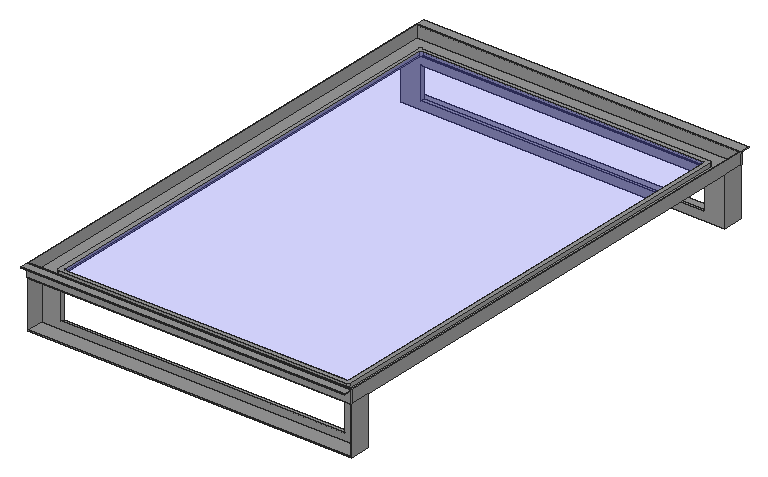
Revit family "ITK by ZPAS_Крышка холодного коридора", category Обобщенные модели, Revit 2019
Family settings
  Может служить основой для арматурных стержней = Нет
  Размер круглого соединителя = Использовать диаметр
  Тип детали = Нормальный
  На основе рабочей плоскости = Нет
  Всегда вертикально = Да
  При загрузке вырезать с полостями = Нет
  Общий = Нет
  Точка расчета площади = Нет
Parameters (values of type "Ш800_Черная")
  Ширина = 800 mm
  Степень защиты = ""
  Материал = Окраска - RAL 9005
  Изготовитель = "ITK"  # constant formula
  Дата изменения = ""
  Глубина = 1200 mm  # constant formula
  Высота = 150 mm  # constant formula
  URL = "https://www.iek.ru/"
  KSI_CPr_Строительные изделия = "61.1.04.08"  # constant formula
  KSI_CMa_Строительные материалы = "10.3.02.06"  # constant formula
  IEK_Цена за единицу = 47491.7
  IEK_Поиск в таблице имен = ""
  IEK_Описание = "Крыша холодного коридора (высокая): - верхний прозрачный элемент модуля является подъемным и устанавливается без инструментов. - модульная конструкция обеспечивает удобное расширение"
  IEK_URL = "https://www.itk-group.ru/produktsiya/catalog/oborudovanie_telekommunikatsionnoe/kompleksnye_resheniya_dlya_tsod/shkafy_i_aksessuary_dlya_tsod/komplektuyushchie_i_aksessuary_dlya_shkafov_itk_by_zpas/dveri_kryshi_dlya_koridorov_itk_by_zpas/itk_by_zpas_krysha_kholodnogo_koridora_800mm_chernaya"
  ADSK_Примечание = ""
  ADSK_Позиция [instance] = ""
  ADSK_Наименование = "ITK by ZPAS Крыша холодного коридора 800 черная"
  ADSK_Материал обозначение = ""
  ADSK_Материал наименование = "Сталь"  # constant formula
  ADSK_Масса = 25
  ADSK_Марка = "by ZPAS"  # constant formula
  ADSK_Код изделия = "ZP-R05-0800"
  ADSK_Завод-изготовитель = "IEK"  # constant formula
  ADSK_Единица измерения = "шт"  # constant formula
  ADSK_Группирование = "I. ЩИТЫ И ПУЛЬТЫ"  # constant formula
  ADSK_Версия семейства = "1.0"  # constant formula
  ADSK_Версия Revit = "2019"  # constant formula
  ADSK_URL страницы изделия = "https://www.itk-group.ru/produktsiya/catalog/oborudovanie_telekommunikatsionnoe/kompleksnye_resheniya_dlya_tsod/shkafy_i_aksessuary_dlya_tsod/komplektuyushchie_i_aksessuary_dlya_shkafov_itk_by_zpas/dveri_kryshi_dlya_koridorov_itk_by_zpas/?class_id=340&pagec=100"
Types (4, lengths in mm): name | Ширина | Материал | IEK_Цена за единицу | IEK_URL | ADSK_Наименование | ADSK_Масса | ADSK_Код изделия
  Ш600_Черная | 600 | Окраска - RAL 9005 | 41630.26 | "https://www.itk-group.ru/produktsiya/catalog/oborudovanie_telekommunikatsionnoe/kompleksnye_resheniya_dlya_tsod/shkafy_i_aksessuary_dlya_tsod/komplektuyushchie_i_aksessuary_dlya_shkafov_itk_by_zpas/dveri_kryshi_dlya_koridorov_itk_by_zpas/itk_by_zpas_krysha_kholodnogo_koridora_600mm_chernaya" | "ITK by ZPAS Крыша холодного коридора 600 черная" | 20 | "ZP-R05-0600"
  Ш800_Черная | 800 | Окраска - RAL 9005 | 47491.7 | "https://www.itk-group.ru/produktsiya/catalog/oborudovanie_telekommunikatsionnoe/kompleksnye_resheniya_dlya_tsod/shkafy_i_aksessuary_dlya_tsod/komplektuyushchie_i_aksessuary_dlya_shkafov_itk_by_zpas/dveri_kryshi_dlya_koridorov_itk_by_zpas/itk_by_zpas_krysha_kholodnogo_koridora_800mm_chernaya" | "ITK by ZPAS Крыша холодного коридора 800 черная" | 25 | "ZP-R05-0800"
  Ш600_Серая | 600 | Окраска - RAL 7035 | 41630.26 | "https://www.itk-group.ru/produktsiya/catalog/oborudovanie_telekommunikatsionnoe/kompleksnye_resheniya_dlya_tsod/shkafy_i_aksessuary_dlya_tsod/komplektuyushchie_i_aksessuary_dlya_shkafov_itk_by_zpas/dveri_kryshi_dlya_koridorov_itk_by_zpas/itk_by_zpas_krysha_kholodnogo_koridora_600mm_seraya" | "ITK by ZPAS Крыша холодного коридора 600 серая" | 20 | "ZP-R35-0600"
  Ш800_Серая | 800 | Окраска - RAL 7035 | 47491.7 | "https://www.itk-group.ru/produktsiya/catalog/oborudovanie_telekommunikatsionnoe/kompleksnye_resheniya_dlya_tsod/shkafy_i_aksessuary_dlya_tsod/komplektuyushchie_i_aksessuary_dlya_shkafov_itk_by_zpas/dveri_kryshi_dlya_koridorov_itk_by_zpas/itk_by_zpas_krysha_kholodnogo_koridora_800mm_seraya" | "ITK by ZPAS Крыша холодного коридора 800 серая" | 25 | "ZP-R35-0800"
Reference planes
  plane 1 "По центру (Вперед/Назад)": y = 12.55
  plane 2: z = 0
  plane 3 "По центру (Влево/Вправо)": x = 0
  plane 4: x = -400
  plane 5: x = 400
  plane 6: z = 150
  plane 7: y = 612.55
  plane 8: y = -587.45
Forms (mm)
  Extrusion 1, solid, material "Окраска - RAL 9005" <- "Материал", detail levels fine
    sketch origin (0, 0, 0) x (1, 0, 0) y (0, 1, 0)
      loop
        line (-400, 612.55) -> (-400, -587.45) -> (400, -587.45) -> (400, 612.55) -> (-400, 612.55)
    from 120 to 150
  Extrusion 2, void
    sketch origin (0, 0, 0) x (1, 0, 0) y (0, 1, 0)
      loop
        line (-398, 610.55) -> (-398, -585.45) -> (398, -585.45) -> (398, 610.55) -> (-398, 610.55)
    from 122.327 to 150
  Extrusion 3, void
    sketch origin (0, 0, 0) x (1, 0, 0) y (0, 1, 0)
      loop
        line (-350, 562.55) -> (-350, -537.45) -> (350, -537.45) -> (350, 562.55) -> (-350, 562.55)
    from 120 to 150
  Extrusion 4, solid, material "Окраска - RAL 9005" <- "Материал", detail levels fine
    sketch origin (0, 0, 0) x (0, 1, 0) y (0, 0, 1)
      loop
        line (-587.45, 150) -> (-609.477, 150) -> (-609.477, 148.027) -> (-589.477, 148.027) -> (-589.477, 146.303) -> (-589.477, 120) -> (-587.45, 120) -> (-587.45, 150)
      loop
        line (612.55, 150) -> (612.55, 120) -> (614.577, 120) -> (614.577, 146.303) -> (614.577, 148.027) -> (634.577, 148.027) -> (634.577, 150) -> (612.55, 150)
    from -400 to 400
  Extrusion 5, solid, material "Окраска - RAL 9005" <- "Материал", detail levels fine
    sketch origin (0, 12.55, 0) x (1, 0, 0) y (0, 0, 1)
      loop
        line (-400, 120) -> (-400, 0) -> (400, 0) -> (400, 120) -> (-400, 120)
      loop
        line (-350, 100) -> (-350, 20) -> (350, 20) -> (350, 100) -> (-350, 100)
    from 550 to 600
  Extrusion 6, solid, material "Окраска - RAL 9005" <- "Материал", detail levels fine
    sketch origin (0, 12.55, 0) x (1, 0, 0) y (0, 0, -1)
      loop
        line (-400, -120) -> (400, -120) -> (400, 0) -> (-400, 0) -> (-400, -120)
      loop
        line (-350, -100) -> (350, -100) -> (350, -20) -> (-350, -20) -> (-350, -100)
    from 550 to 600
  Extrusion 7, void
    sketch origin (0, 12.55, 0) x (1, 0, 0) y (0, 0, 1)
      loop
        line (-398, 118) -> (-398, 2) -> (398, 2) -> (398, 118) -> (-398, 118)
    from -600 to -558.625
  Extrusion 8, void
    sketch origin (0, 12.55, 0) x (1, 0, 0) y (0, 0, -1)
      loop
        line (-398, -118) -> (398, -118) -> (398, -2) -> (-398, -2) -> (-398, -118)
    from -600 to -558.625
  Extrusion 9, solid, material "Окраска - RAL 9005", detail levels fine
    sketch origin (0, 0, 0) x (1, 0, 0) y (0, 1, 0)
      loop
        line (350, -532.45) -> (350, 557.55)
        arc (350, 557.55) -> (348.536, 561.085) -> (345, 562.55) r 5
        line (345, 562.55) -> (-345, 562.55)
        arc (-345, 562.55) -> (-348.536, 561.085) -> (-350, 557.55) r 5
        line (-350, 557.55) -> (-350, -532.45)
        arc (-350, -532.45) -> (-348.536, -535.986) -> (-345, -537.45) r 5
        line (-345, -537.45) -> (345, -537.45)
        arc (345, -537.45) -> (348.536, -535.986) -> (350, -532.45) r 5
      loop
        arc (-355, 572.55) -> (-358.536, 571.085) -> (-360, 567.55) r 5
        line (-360, 567.55) -> (-360, -542.45)
        arc (-360, -542.45) -> (-358.536, -545.986) -> (-355, -547.45) r 5
        line (-355, -547.45) -> (355, -547.45)
        arc (355, -547.45) -> (358.536, -545.986) -> (360, -542.45) r 5
        line (360, -542.45) -> (360, 567.55)
        arc (360, 567.55) -> (358.536, 571.085) -> (355, 572.55) r 5
        line (355, 572.55) -> (-355, 572.55)
    from 120 to 130
  Extrusion 10, solid, material "Стекло", detail levels fine
    sketch origin (0, 0, 0) x (1, 0, 0) y (0, 1, 0)
      loop
        arc (-350, -532.45) -> (-348.536, -535.986) -> (-345, -537.45) r 5
        line (-345, -537.45) -> (345, -537.45)
        arc (345, -537.45) -> (348.536, -535.986) -> (350, -532.45) r 5
        line (350, -532.45) -> (350, 557.55)
        arc (350, 557.55) -> (348.536, 561.085) -> (345, 562.55) r 5
        line (345, 562.55) -> (-345, 562.55)
        arc (-345, 562.55) -> (-348.536, 561.085) -> (-350, 557.55) r 5
        line (-350, 557.55) -> (-350, -532.45)
    from 120 to 130
  Extrusion 11, solid, material "Условный материал-отделка", detail levels coarse+medium
    sketch origin (0, 0, 0) x (1, 0, 0) y (0, 1, 0)
      loop
        line (-400, 612.55) -> (-400, -587.45) -> (400, -587.45) -> (400, 612.55) -> (-400, 612.55)
    from 0 to 150 <- "Высота"
Cuts and joins
  Extrusion 2, Extrusion 3 cuts Extrusion 1
  Extrusion 7, Extrusion 8 cuts Extrusion 6
  Extrusion 8 cuts Extrusion 5
Dimensions and locks
  equal spacing: plane 4, plane 3 "По центру (Влево/Вправо)", plane 5
  "Ширина": plane 4 to plane 5
  "Высота": plane 6 to level
  equal spacing: plane 7, plane 1 "По центру (Вперед/Назад)", plane 8
  "Глубина": plane 7 to plane 8
  locked: plane 4 to Extrusion 2 sketch curve at 2
  locked: Extrusion 2 sketch curve to plane 7 at 2
  locked: Extrusion 3 sketch curve to plane 7 at 50
  locked: plane 4 to Extrusion 3 sketch curve at 50
  locked: plane 4 to Extrusion 5 sketch curve at 50
  locked: Extrusion 4 to Extrusion 5 sketch curve at 20
  locked: plane 4 to Extrusion 7 sketch curve at 2
  locked: Extrusion 4 to Extrusion 7 sketch curve at 2
  locked: Extrusion 9 sketch curve to cut or joined group of Extrusion 1, Extrusion 2, Extrusion 3 at 10  (x2)
  aligned and locked: level to plane 2
  aligned and locked: Extrusion 1 sketch curve to plane 4
  aligned and locked: Extrusion 1 sketch curve to plane 7
  aligned and locked: Extrusion 1 sketch curve to plane 5
  aligned and locked: Extrusion 1 sketch curve to plane 8
  aligned and locked: plane 6 to Extrusion 2
  aligned and locked: plane 6 to Extrusion 3
  aligned and locked: Extrusion 1 to Extrusion 3
  aligned and locked: plane 6 to Extrusion 4 sketch curve
  aligned and locked: plane 8 to Extrusion 4 sketch curve
  aligned and locked: Extrusion 4 to plane 4
  aligned and locked: plane 5 to Extrusion 4
  aligned and locked: Extrusion 5 sketch curve to plane 4
  aligned and locked: Extrusion 5 sketch curve to level
  aligned and locked: Extrusion 5 sketch curve to Extrusion 4
  aligned and locked: Extrusion 5 sketch curve to plane 5
  aligned and locked: Extrusion 5 to plane 8
  aligned and locked: Extrusion 5 to cut or joined group of Extrusion 1, Extrusion 2, Extrusion 3
  aligned and locked: plane 7 to Extrusion 6
  aligned and locked: Extrusion 6 to cut or joined group of Extrusion 1, Extrusion 2, Extrusion 3
  aligned and locked: plane 7 to Extrusion 7
  aligned and locked: cut or joined group of Extrusion 1, Extrusion 2, Extrusion 3 to Extrusion 9 sketch curve  (x2)
  aligned and locked: cut or joined group of Extrusion 6, Extrusion 7, Extrusion 8 to Extrusion 9 sketch curve
  aligned and locked: cut or joined group of Extrusion 5, Extrusion 8 to Extrusion 9 sketch curve
  aligned and locked: cut or joined group of Extrusion 1, Extrusion 2, Extrusion 3 to Extrusion 9
  aligned and locked: Extrusion 10 sketch curve to Extrusion 9  (x4)
  aligned and locked: Extrusion 11 sketch curve to cut or joined group of Extrusion 1, Extrusion 2, Extrusion 3  (x4)
Automatic sketch dimensions
  Extrusion 2 sketch curve to plane 5 = 2 mm
  plane 8 to Extrusion 2 sketch curve = 2 mm
  Extrusion 3 sketch curve to plane 5 = 50 mm
  plane 8 to Extrusion 3 sketch curve = 50 mm
  Extrusion 4 sketch curve to plane 6 = 0 mm
  Extrusion 4 sketch curve to plane 7 = 0 mm
  Extrusion 4 sketch curve to plane 8 = 2.027 mm
  Extrusion 4 sketch curve to Extrusion 4 sketch curve = 20 mm  (x2)
  plane 7 to Extrusion 4 sketch curve = 2.027 mm
  Extrusion 4 sketch curve to plane 6 = 1.973 mm  (x2)
  Extrusion 4 sketch curve to Extrusion 4 sketch curve = 1.724 mm  (x2)
  Extrusion 4 sketch curve to Extrusion 4 sketch curve = 26.303 mm  (x2)
  Extrusion 5 sketch curve to plane 5 = 50 mm
  level to Extrusion 5 sketch curve = 20 mm
  Extrusion 6 sketch curve to level = 0 mm
  Extrusion 6 sketch curve to plane 4 = 0 mm
  Extrusion 6 sketch curve to plane 5 = 0 mm
  level to Extrusion 6 sketch curve = 20 mm
  plane 4 to Extrusion 6 sketch curve = 50 mm
  Extrusion 6 sketch curve to plane 5 = 50 mm
  Extrusion 6 sketch curve to plane 6 = 50 mm
  Extrusion 6 sketch curve to plane 6 = 30 mm
  Extrusion 7 sketch curve to plane 5 = 2 mm
  level to Extrusion 7 sketch curve = 2 mm
  plane 4 to Extrusion 8 sketch curve = 2 mm
  Extrusion 8 sketch curve to plane 5 = 2 mm
  Extrusion 8 sketch curve to plane 6 = 32 mm
  level to Extrusion 8 sketch curve = 2 mm
  Extrusion 9 sketch curve to Extrusion 9 sketch curve = 5 mm  (x6)
  Extrusion 9 sketch curve to Extrusion 9 sketch curve = 10 mm  (x4)
